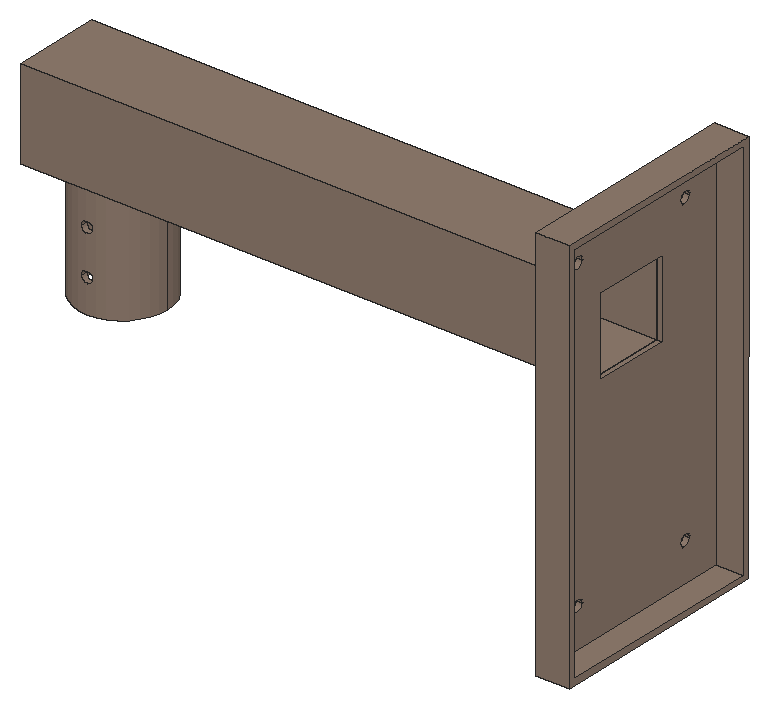
Revit family "WM315", category Generic Models, Revit 2014
Parameters
  ARM = Bronze, Architectural
Reference planes (in)
  plane 1 "Center (Front/Back)": y = 0
  plane 2: z = 0
  plane 3 "Center (Left/Right)": x = 0
Forms (in)
  Extrusion 1, solid, material "Bronze, Architectural" <- "ARM"
    sketch origin (0, -7.03436, 0) x (0, 1, 0) y (0, 0, 1)
      loop
        line (9.53436, 0) -> (9.53436, 8.88) -> (4.53436, 8.88) -> (4.53436, 0) -> (9.53436, 0)
    from -0.75 to 0
  Extrusion 2, solid, material "Bronze, Architectural" <- "ARM"
    sketch origin (0, 0, 0) x (1, 0, 0) y (0, 0, 1)
      loop
        line (-13.5, 7.13) -> (-13.5, 5.13) -> (-0.75, 5.13) -> (-0.75, 7.13) -> (-13.5, 7.13)
    from -1 to 1
  Extrusion 3, void
    sketch origin (0, -7.03436, 0) x (0, 1, 0) y (0, 0, 1)
      loop
        line (9.40436, 8.75) -> (4.66436, 8.75) -> (4.66436, 0.13) -> (9.40436, 0.13) -> (9.40436, 8.75)
    from -0.62 to 0
  Extrusion 4, void
    sketch origin (0.26932, -7.03436, 0) x (0, 1, 0) y (0, 0, 1)
      loop
        circle (8.53436, 1) r 0.13
      loop
        circle (5.53436, 1) r 0.13
      loop
        circle (8.53436, 7.88) r 0.13
      loop
        circle (5.53436, 7.88) r 0.13
    from -1.01932 to -0.88932
  Extrusion 5, void
    sketch origin (-2, -7.03436, 0) x (0, 1, 0) y (0, 0, 1)
      loop
        line (7.90436, 7) -> (6.16436, 7) -> (6.16436, 5.26) -> (7.90436, 5.26) -> (7.90436, 7)
    from -11.37528 to 1.38
  Revolve 6, solid, material "Bronze, Architectural" <- "ARM"
    sketch origin (-1.22291, 0, 1.60493) x (1, 0, 0) y (0, 0, 1)
      loop
        line (-10.77709, 3.52507) -> (-11.77709, 3.52507) -> (-11.77709, 1.02507) -> (-10.77709, 1.02507) -> (-10.77709, 3.52507)
      axis (-10.77709, 1.02507) -> (-10.77709, 3.52507)
    angle from 0 to 360
  Revolve 7, void
    sketch origin (0, 0, 0) x (1, 0, 0) y (0, 0, 1)
      loop
        line (-11.125, 2.63) -> (-11.125, 5.21666) -> (-12, 5.21666) -> (-12, 2.63) -> (-11.125, 2.63)
      axis (-12, 2.63) -> (-12, 5.21666)
    angle from 0 to 360
  Extrusion 8, void
    sketch origin (0, 0, 0) x (1, 0, 0) y (0, 0, 1)
      loop
        circle (-12, 3.38) r 0.125
      loop
        circle (-12, 4.38) r 0.125
    from -1.01529 to 1.02185
Cuts and joins
  Extrusion 3, Extrusion 4, Extrusion 5 cuts Extrusion 1
  Extrusion 5, Revolve 7 cuts Extrusion 2
  Revolve 7, Extrusion 8 cuts Revolve 6
Dimensions and locks (in)
  aligned and locked: plane 2 to level
